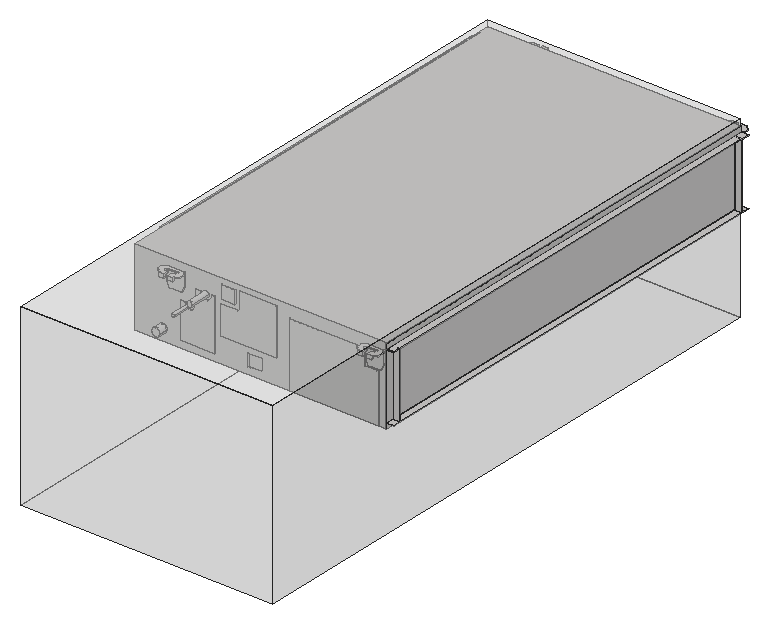
Revit family "outputfile", category 機械設備, Revit 2024
Family settings
  丸型コネクタ寸法 = 半径を使用
  パーツ タイプ = 標準
  OmniClass 番号 = 23.75.10.24.21.27.27
  OmniClass タイトル = Split System Air Conditioning Units
  作業面ベース = いいえ
  常に垂直 = はい
  ロード時にボイドで切り取り = いいえ
  注釈の向きを維持 = いいえ
  共有 = いいえ
  部屋計算ポイント = はい
Parameters (values of type "FBFC125DVMG")
  Description = ""
  製造元 = "Daikin"
  書き出し IFC クラス(タイプ) = "IfcUnitaryEquipmentType"
  定義済み IFC タイプ(タイプ) = "AIRCONDITIONINGUNIT"
  Cost = 0
  モデル = "FBFC125DVMG"
  Type Comments = ""
  Keynote = ""
  Type Image = (empty or 0)
  Assembly Code = ""
  switch_frequency = yes
  r_Liquid Pipe Size = Liquid Pipe Size / 2  # 4.75 mm
  r_Gas Pipe Size = Gas Pipe Size / 2  # 7.95 mm
  r_Drain Pipe Size = Drain Pipe Size / 2  # 12.5 mm
  lw_power = 770.0 mm  # constant formula
  lh_SA = 138.0 mm  # constant formula
  lw_SA = if(Depth = 550.0 mm, 225.0 mm, if(Depth = 700.0 mm, 300.0 mm, if(Depth = 1000.0 mm, 450.0 mm, if(Depth = 1400.0 mm, 650.0 mm, 725.0 mm))))  # 650.0 mm
  lw_RA = if(Depth = 550.0 mm, 275.0 mm, if(Depth = 700.0 mm, 349.0 mm, if(Depth = 1000.0 mm, 499.0 mm, if(Depth = 1400.0 mm, 699.0 mm, 775.0 mm))))  # 699.0 mm
  lh_power = 60.0 mm + [h***]  # 60.0 mm
  lh_mountinghole1 = lh_mountinghole + [h***]  # 222.0 mm
  lh_RA = 123.0 mm  # constant formula
  ld_power = Depth / 2  # 700.0 mm
  connector_voltage = Voltage_50Hz  # 230 V
  connector_powerinput = [Power Input (Cooling)]  # 0.000 kW
  connector_phase = Phase_50Hz  # 1
  Voltage_comment_50Hz = "220 - 240"
  Voltage_50Hz = 230 V
  URL = ""
  Supply Air Direction [instance] = yes
  Sound Power Level_H speed (dB) = 0
  Phase_50Hz = 1
  Minimum External Static Pressure = 50.00 Pa
  Minimum Circuit Amps_50Hz = 0.0 A
  Maximum Fuse Amps_50Hz = 0.0 A
  Maximum External Static Pressure = 150.00 Pa
  Material_Casing = DAIKIN_GalvanizedSteel_Casing_indoorunit
  lw_mountinghole = 630.0 mm  # constant formula
  lh_gaspipe = 183.0 mm + [h***]  # 183.0 mm
  lh_mountinghole = 222.0 mm  # constant formula
  lh_liquidpipe = 136.0 mm + [h***]  # 136.0 mm
  lh_drainpipe = 38.0 mm + [h***]  # 38.0 mm
  lh_antena = Height - lh_mountinghole + 1.0 mm  # 24.0 mm
  ld_drainpipe = Depth / 2 + 26.0 mm  # 726.0 mm
  ld_liquidpipe = Depth / 2 + 69.0 mm  # 769.0 mm
  ld_gaspipe = Depth / 2 + 65.0 mm  # 765.0 mm
  ld_mountinghole = Depth + 38.0 mm  # 1438.0 mm
  h*** = 0.0 mm  # constant formula
  lw_liquidpipe = 179.0 mm  # constant formula
  lw_gaspipe = 229.0 mm  # constant formula
  lw_drainpipe = 91.0 mm  # constant formula
  Width = 800.0 mm
  Version = "ver.1.0"
  Unit Type = "M.S.P. Duct"
  Unit Mass Weight = 46.00 kg
  Unit Designation [instance] = ""
  Uniclass2015Version = "Products v1.30"
  Uniclass2015Title = "Split coil room air conditioning units"
  Uniclass2015Code = "Pr_70_65_03_86"
  Total Cooling Capacity [instance] = 0.000 kW
  Sound Pressure Level_M speed (dBA) = 37.5
  Sound Pressure Level_L speed (dBA) = 35
  Sound Pressure Level_H speed (dBA) = 40
  Series = "SkyAir_Fan Coil Unit"
  Sensible Cooling Capacity [instance] = 0.000 kW
  SA Duct Size Width = 1192.0 mm
  SA Duct Size Height = 176.0 mm
  Refrigerant Type = "R32"
  RA Duct Size Width = 1352.0 mm
  RA Duct Size Height = 208.0 mm
  Power Input (Cooling) = 0.000 kW
  Option Accessory 3 [instance] = ""
  Option Accessory 2 [instance] = ""
  Option Accessory 1 [instance] = ""
  Nominal Cooling Capacity = 12.500 kW
  Minimum Airflow = 1500.00 m³/h
  Median Airflow = 1830.00 m³/h
  Maximum Airflow = 2160.00 m³/h
  Load Classification = HVAC
  Liquid Pipe Size = 9.5 mm
  Link_Nested Family [instance] = ""
  IfcVersion = ""
  IfcExportType = "AIRCONDITIONINGUNIT"
  IfcExportAs = "IfcUnitaryEquipmentType"
  Height = 245.0 mm
  Heat Exchanger Type = "Cross Fin Coil"
  Gas Pipe Size = 15.9 mm
  Frequency_50Hz = 50 Hz
  Fan Type = "Sirocco Fan"
  Fan Drive = "Direct Drive"
  FCU Tag No. [instance] = ""
  Drain Pipe Size = 25.0 mm
  Design Supply Airflow [instance] = 0.00 m³/h
  Design Return Airflow [instance] = 0.00 m³/h
  Design External Static Pressure [instance] = 0.00 Pa
  Depth = 1400.0 mm
  既定の高さ = 0.0 mm
  Cooling Entering Wet Bulb Temperature [instance] = 0.00 °C
  Cooling Entering Dry Bulb Temperature [instance] = 0.00 °C
  Cooling Ambient Wet Bulb Temperature [instance] = 0.00 °C
  Cooling Ambient Dry Bulb Temperature [instance] = 0.00 °C
  Clearance visibility [instance] = yes
  Clearance Top = 20.0 mm
  Clearance Right = 0.0 mm
  Clearance Rear = 0.0 mm
  Clearance Left = 0.0 mm
  Clearance Front = 450.0 mm
  Clearance Bottom = 300.0 mm
Reference planes
  plane 1 "Center (Front/Back)": y = 0
  plane 2 "h": z = 0
  plane 3 "Center (Left/Right)": x = 0
  plane 4 "Back": y = 700
  plane 5 "Front": y = -700
  plane 6 "Left": x = -400
  plane 7 "Right": x = 400
  plane 8 "Top": z = 0
  plane 9 "Bottom": z = -245
  plane 10: y = -215
  plane 11: y = 700
  plane 12: y = -1150
  plane 13: x = -400
  plane 14: x = 400
  plane 15: z = 20
  plane 16: z = -545
  plane 17: x = -400
  plane 18: x = -399
  plane 19: x = 399
  plane 20: y = 50
  plane 21: y = -1
  plane 22: z = -122
  plane 23: y = -701
  plane 24: z = -109
  plane 25: x = -221
  plane 26: y = -765
  plane 27: z = -62
  plane 28: x = -171
  plane 29: y = -726
  plane 30: z = -207
  plane 31: x = -309
  plane 32: x = -309
  plane 33: x = -221
  plane 34: x = -171
  plane 35: x = 370
  plane 36: x = -266
  plane 37: x = 364
  plane 38: y = -719
  plane 39: y = 719
  plane 40: z = -23
  plane 41: z = -107
  plane 42: y = -769
  plane 43: z = -207
  plane 44: x = -309
  plane 45: y = -726
  plane 46: x = -251
  plane 47: x = -203
  plane 48: x = -144
  plane 49: z = -59
  plane 50: z = -106
  plane 51: z = -221
  plane 52: z = -109
  plane 53: x = -221
  plane 54: z = -62
  plane 55: x = -171
  plane 56: z = -17
  plane 57: z = -59
  plane 58: x = -121
  plane 59: x = -79
  plane 60: x = -125
  plane 61: x = -64
  plane 62: x = 53
  plane 63: z = -164
  plane 64: z = -73
  plane 65: z = -16
  plane 66: x = 93.5
  plane 67: x = 374.5
  plane 68: x = 330
  plane 69: z = -88.5
  plane 70: z = -38
  plane 71: z = -242.5
  plane 72: x = -38.5
  plane 73: x = 6.5
  plane 74: z = -181
  plane 75: z = -221
  plane 76: y = -699
  plane 77: x = -424
  plane 78: x = 424
Forms (mm)
  Extrusion 1, solid, material "DAIKIN_GalvanizedSteel_Casing_indoorunit" <- "Material_Casing"
    sketch origin (0, 0, 0) x (1, 0, 0) y (0, 1, 0)
      loop
        line (-399, 700) -> (-399, -700) -> (399, -700) -> (399, 700) -> (-399, 700)
    from -245 to 0
  Extrusion 2, solid, material "DAIKIN_GalvanizedSteel_Casing_indoorunit" <- "Material_Casing"
    sketch origin (0, 0, 0) x (1, 0, 0) y (0, 0, 1)
      loop
        line (-251, -221) -> (-144, -221) -> (-144, -59) -> (-154.47, -59)
        arc (-154.47, -59) -> (-171, -78.8) -> (-187.53, -59) r 16.8
        line (-187.53, -59) -> (-203, -59) -> (-203, -106) -> (-206.916, -106)
        arc (-206.916, -106) -> (-221, -123.4) -> (-235.084, -106) r 14.4
        line (-235.084, -106) -> (-251, -106) -> (-251, -221)
    from 700 to 701
  Extrusion 3, solid, material "DAIKIN_GalvanizedSteel_Casing_indoorunit" <- "Material_Casing"
    sketch origin (0, 0, 0) x (1, 0, 0) y (0, 0, 1)
      loop
        line (-121, -17) -> (-121, -59) -> (-79, -59) -> (-79, -17) -> (-121, -17)
      loop
        line (-125, -73) -> (-125, -164) -> (53, -164) -> (53, -16) -> (-64, -16) -> (-64, -73) -> (-125, -73)
    from 700 to 701
  Extrusion 4, solid, material "DAIKIN_GalvanizedSteel_Casing_indoorunit" <- "Material_Casing"
    sketch origin (0, 0, 0) x (1, 0, 0) y (0, 0, 1)
      loop
        line (93.5, -38) -> (93.5, -242.5) -> (374.5, -242.5) -> (374.5, -88.5) -> (330, -88.5) -> (330, -38) -> (93.5, -38)
    from 700 to 701
  Extrusion 5, solid, material "DAIKIN_GalvanizedSteel_Casing_indoorunit" <- "Material_Casing"
    sketch origin (0, 0, 0) x (1, 0, 0) y (0, 0, 1)
      loop
        circle (-221, -109) r 4.75
    from 700 to 769
  Extrusion 6, solid, material "DAIKIN_GalvanizedSteel_Casing_indoorunit" <- "Material_Casing"
    sketch origin (0, 0, 0) x (1, 0, 0) y (0, 0, 1)
      loop
        circle (-171, -62) r 7.95
    from 700 to 765
  Extrusion 7, solid, material "DAIKIN_GalvanizedSteel_Casing_indoorunit" <- "Material_Casing"
    sketch origin (0, 0, 0) x (1, 0, 0) y (0, 0, 1)
      loop
        circle (-309, -207) r 12.5
    from 701 to 726
  Extrusion 8, solid, material "DAIKIN_GalvanizedSteel_Casing_indoorunit" <- "Material_Casing"
    sketch origin (0, 0, 0) x (1, 0, 0) y (0, 0, 1)
      loop
        circle (-309, -207) r 13
    from 700 to 726
  Extrusion 9, void
    sketch origin (0, 0, 0) x (1, 0, 0) y (0, 0, 1)
      loop
        line (-38.5, -181) -> (-38.5, -221) -> (6.5, -221) -> (6.5, -181) -> (-38.5, -181)
    from 699 to 700
Cuts and joins
  Extrusion 9 cuts Extrusion 1
Dimensions and locks
  "Height": plane 8 "Top" to plane 9 "Bottom"
  equal spacing: plane 4 "Back", plane 1 "Center (Front/Back)", plane 5 "Front"
  "Depth": plane 4 "Back" to plane 5 "Front"
  equal spacing: plane 6 "Left", plane 3 "Center (Left/Right)", plane 7 "Right"
  "Width": plane 6 "Left" to plane 7 "Right"
  "Clearance Left": plane 13 to plane 6 "Left"
  "Clearance Right": plane 7 "Right" to plane 14
  "Clearance Rear": plane 11 to plane 4 "Back"
  "Clearance Front": plane 5 "Front" to plane 12
  "Clearance Top": plane 15 to plane 8 "Top"
  "Clearance Bottom": plane 9 "Bottom" to plane 16
  locked: plane 17 to plane 18 at 1
  locked: plane 19 to plane 14 at 1
  "lw_SA": plane 11 to plane 20
  "lw_RA": plane 21 to plane 5 "Front"
  "lh_RA": plane 22 to plane 9 "Bottom"
  locked: plane 5 "Front" to plane 23 at 1
  "lw_liquidpipe": plane 25 to plane 6 "Left"
  "lh_liquidpipe": plane 24 to plane 9 "Bottom"
  "lh_gaspipe": plane 27 to plane 9 "Bottom"
  "lw_gaspipe": plane 28 to plane 6 "Left"
  "ld_gaspipe": plane 26 to plane 1 "Center (Front/Back)"
  "ld_drainpipe": plane 29 to plane 1 "Center (Front/Back)"
  "lh_drainpipe": plane 30 to plane 9 "Bottom"
  "lw_drainpipe": plane 31 to plane 6 "Left"
  "lw_drainpipe": plane 6 "Left" to plane 32
  "lw_liquidpipe": plane 6 "Left" to plane 33
  "lw_gaspipe": plane 6 "Left" to plane 34
  "lw_power": plane 6 "Left" to plane 35
  locked: plane 17 to plane 36 at 134
  "lw_mountinghole": plane 36 to plane 37
  equal spacing: plane 38, plane 1 "Center (Front/Back)", plane 39
  "ld_mountinghole": plane 39 to plane 38
  "lh_mountinghole": plane 40 to plane 9 "Bottom"
  "lh_SA": plane 41 to plane 9 "Bottom"
  locked: plane 44 to plane 6 "Left" at 91
  locked: plane 43 to plane 9 "Bottom" at 38
  locked: plane 5 "Front" to plane 45 at 26
  plane 48 to plane 47 to plane 46 to plane 6 "Left" = 59.0 mm, 48.0 mm, 149.0 mm
  plane 8 "Top" to plane 49 to plane 50 to plane 51 = 59.0 mm locked, 47.0 mm locked, 115.0 mm locked
  plane 55 to plane 53 to plane 6 "Left" = 50.0 mm locked, 179.0 mm locked
  plane 54 to plane 52 to plane 9 "Bottom" = 47.0 mm locked, 136.0 mm locked
  plane 59 to plane 58 to plane 6 "Left" = 42.0 mm locked, 279.0 mm locked
  plane 8 "Top" to plane 56 to plane 57 = 17.0 mm locked, 42.0 mm locked
  plane 62 to plane 61 to plane 60 to plane 6 "Left" = 117.0 mm, 61.0 mm, 275.0 mm
  plane 8 "Top" to plane 65 to plane 64 = 16.0 mm locked, 57.0 mm locked
  locked: plane 65 to plane 63 at 148
  plane 8 "Top" to plane 70 to plane 69 to plane 71 = 38.0 mm locked, 50.5 mm locked, 154.0 mm locked
  plane 67 to plane 68 to plane 66 to plane 6 "Left" = 44.5 mm locked, 236.5 mm locked, 493.5 mm locked
  plane 8 "Top" to plane 74 to plane 75 = 181.0 mm locked, 40.0 mm locked
  plane 73 to plane 72 to plane 6 "Left" = 45.0 mm, 361.5 mm
  locked: plane 76 to plane 5 "Front" at 1
  locked: plane 77 to plane 17 at 24
  locked: plane 14 to plane 78 at 24
  "ld_liquidpipe": plane 42 to plane 1 "Center (Front/Back)"
  "r_Liquid Pipe Size": radius of Extrusion 5 sketch curve
  "r_Gas Pipe Size": radius of Extrusion 6 sketch curve
  "r_Drain Pipe Size": radius of Extrusion 7 sketch curve
  aligned and locked: level to plane 2 "h"
  aligned and locked: plane 8 "Top" to Extrusion 1
  aligned and locked: Extrusion 1 to plane 9 "Bottom"
  aligned and locked: nested 5 to plane 12
  aligned and locked: plane 13 to nested 5
  aligned and locked: plane 14 to nested 5
  aligned and locked: nested 5 to plane 13
  aligned and locked: plane 11 to nested 5
  aligned and locked: plane 15 to nested 5
  aligned and locked: plane 16 to nested 5
  aligned and locked: plane 5 "Front" to Extrusion 1 sketch curve
  aligned and locked: Extrusion 1 to plane 18
  aligned and locked: plane 19 to Extrusion 1
  aligned and locked: nested 7 to plane 18
  aligned and locked: nested 7 to plane 20
  aligned and locked: plane 19 to nested 8
  aligned and locked: plane 21 to nested 8
  aligned and locked: plane 22 to nested 8
  aligned and locked: Extrusion 2 to plane 23
  aligned and locked: plane 5 "Front" to Extrusion 2
  aligned and locked: Extrusion 3 to plane 23
  aligned and locked: plane 5 "Front" to Extrusion 3
  aligned and locked: plane 5 "Front" to Extrusion 4
  aligned and locked: Extrusion 5 sketch curve to plane 25
  aligned and locked: plane 24 to Extrusion 5 sketch curve
  aligned and locked: plane 5 "Front" to Extrusion 5
  aligned and locked: Extrusion 6 sketch curve to plane 28
  aligned and locked: plane 27 to Extrusion 6 sketch curve
  aligned and locked: plane 5 "Front" to Extrusion 6
  aligned and locked: Extrusion 7 sketch curve to plane 31
  aligned and locked: plane 30 to Extrusion 7 sketch curve
  aligned and locked: Extrusion 7 to plane 29
  aligned and locked: plane 23 to Extrusion 7
  aligned and locked: nested 3 to plane 29
  aligned and locked: nested 3 to plane 32
  aligned and locked: nested 2 to plane 33
  aligned and locked: nested 1 to plane 34
  aligned and locked: Extrusion 6 to plane 26
  aligned and locked: nested 1 to plane 26
  aligned and locked: nested 6 to plane 5 "Front"
  aligned and locked: nested 6 to plane 35
  aligned and locked: plane 36 to nested 10
  aligned and locked: nested 10 to plane 5 "Front"
  aligned and locked: plane 37 to nested 9
  aligned and locked: nested 9 to plane 5 "Front"
  aligned and locked: nested 11 to plane 36
  aligned and locked: plane 4 "Back" to nested 11
  aligned and locked: nested 12 to plane 37
  aligned and locked: plane 4 "Back" to nested 12
  aligned and locked: plane 40 to nested 10
  aligned and locked: plane 40 to nested 11
  aligned and locked: plane 40 to nested 9
  aligned and locked: plane 40 to nested 12
  aligned and locked: plane 36 to nested 14
  aligned and locked: nested 14 to plane 39
  aligned and locked: plane 37 to nested 13
  aligned and locked: nested 13 to plane 39
  aligned and locked: plane 37 to nested 16
  aligned and locked: plane 38 to nested 16
  aligned and locked: plane 38 to nested 15
  aligned and locked: plane 36 to nested 15
  aligned and locked: plane 17 to plane 6 "Left"
  aligned and locked: plane 41 to nested 7
  aligned and locked: Extrusion 5 to plane 42
  aligned and locked: nested 2 to plane 42
  aligned and locked: Extrusion 8 sketch curve to plane 44
  aligned and locked: plane 43 to Extrusion 8 sketch curve
  aligned and locked: plane 5 "Front" to Extrusion 8
  aligned and locked: plane 45 to Extrusion 8
  aligned and locked: Extrusion 3 sketch curve to plane 56
  aligned and locked: Extrusion 3 sketch curve to plane 58
  aligned and locked: plane 57 to Extrusion 3 sketch curve
  aligned and locked: plane 59 to Extrusion 3 sketch curve
  aligned and locked: Extrusion 4 to plane 23
  aligned and locked: Extrusion 9 sketch curve to plane 74
  aligned and locked: plane 75 to Extrusion 9 sketch curve
  aligned and locked: plane 73 to Extrusion 9 sketch curve
  aligned and locked: plane 5 "Front" to Extrusion 9
  aligned and locked: plane 76 to Extrusion 9
  aligned and locked: nested 17 to plane 20
  aligned and locked: nested 17 to plane 77
  aligned and locked: plane 21 to nested 18
  aligned and locked: plane 78 to nested 18
  aligned and locked: plane 41 to nested 17
  aligned and locked: nested 18 to plane 22
  aligned and locked: nested 4 to plane 3 "Center (Left/Right)"
  aligned and locked: plane 1 "Center (Front/Back)" to nested 4
  aligned and locked: level to plane 8 "Top"
Automatic sketch dimensions
  plane 6 "Left" to Extrusion 1 sketch curve = 1.0 mm
  Extrusion 1 sketch curve to plane 7 "Right" = 1.0 mm
  Extrusion 1 sketch curve to plane 4 "Back" = 0.0 mm
  Extrusion 2 sketch curve to plane 46 = 0.0 mm
  Extrusion 2 sketch curve to plane 33 = 0.0 mm
  Extrusion 2 sketch curve to plane 47 = 0.0 mm
  Extrusion 2 sketch curve to plane 34 = 0.0 mm
  Extrusion 2 sketch curve to plane 48 = 0.0 mm
  Extrusion 2 sketch curve to plane 51 = 0.0 mm
  Extrusion 2 sketch curve to plane 52 = 0.0 mm
  Extrusion 2 sketch curve to plane 50 = 0.0 mm  (x3)
  Extrusion 2 sketch curve to plane 54 = 0.0 mm
  Extrusion 2 sketch curve to plane 49 = 0.0 mm  (x3)
  plane 33 to Extrusion 2 sketch curve = 14.084 mm
  plane 34 to Extrusion 2 sketch curve = 16.53 mm
  Extrusion 3 sketch curve to plane 60 = 0.0 mm
  Extrusion 3 sketch curve to plane 61 = 0.0 mm
  Extrusion 3 sketch curve to plane 62 = 0.0 mm
  Extrusion 3 sketch curve to plane 63 = 0.0 mm
  Extrusion 3 sketch curve to plane 64 = 0.0 mm
  Extrusion 3 sketch curve to plane 65 = 0.0 mm
  Extrusion 4 sketch curve to plane 66 = 0.0 mm
  Extrusion 4 sketch curve to plane 68 = 0.0 mm
  Extrusion 4 sketch curve to plane 67 = 0.0 mm
  Extrusion 4 sketch curve to plane 71 = 0.0 mm
  Extrusion 4 sketch curve to plane 69 = 0.0 mm
  Extrusion 4 sketch curve to plane 70 = 0.0 mm
  Extrusion 9 sketch curve to plane 72 = 0.0 mm
  radius of Extrusion 8 sketch curve = 13.0 mm
Nested families
  nested 1: "daikin_connector_rotate2" at (-171, 0, -62), length <- "ld_gaspipe", built-in parameter 1001364 <- "lh_gaspipe", radius <- "r_Gas Pipe Size", type "daikin_connector_rotate2"
    with radius 7.95 mm, length 765.0 mm, angle_vertical 90.00°
  nested 2: "daikin_connector_rotate2" at (-221, 0, -109), length <- "ld_liquidpipe", built-in parameter 1001364 <- "lh_liquidpipe", radius <- "r_Liquid Pipe Size", type "daikin_connector_rotate2"
    with radius 4.75 mm, length 769.0 mm, angle_vertical 90.00°
  nested 3: "daikin_connector_rotate2" at (-309, 0, -207), length <- "ld_drainpipe", built-in parameter 1001364 <- "lh_drainpipe", radius <- "r_Drain Pipe Size", type "daikin_connector_rotate2"
    with radius 12.5 mm, length 726.0 mm, angle_vertical 90.00°
  nested 4: "daikin_△_symbolicline" at (0, 0, 245) x (0, -1, 0) z (0, 0, 1), built-in parameter 1001364 <- "Height", visible <- "Supply Air Direction", type "daikin_△_symbolicline"
    with length 200.0 mm
  nested 5: "daikin_clearancespace" at (0, -225, -262.381), visible <- "Clearance visibility", show <- "Clearance visibility", Link_Nested Family <- "Link_Nested Family", type "daikin_clearancespace"
    with width 800.0 mm, show yes, height 565.0 mm, depth 1850.0 mm, Link_Nested Family ""
  nested 6: "daikin_connector_rotate2" at (370, 0, -185), built-in parameter 1001364 <- "lh_power", length <- "ld_power", type "daikin_connector_rotate2"
    with radius 10.0 mm, length 700.0 mm, angle_vertical 90.00°
  nested 7: "daikin_ductflange_FBFC-DVMG2" at (-399, 50, -107) x (0, -1, 0) z (0, 0, 1), type "daikin_ductflange_FBFC-DVMG2"
  nested 8: "daikin_ductflange_FBFC-DVMG" at (399, -1, -122) x (0, 1, 0) z (0, 0, 1), type "daikin_ductflange_FBFC-DVMG"
    with width 1352.0 mm, lw 25.0 mm, w 1400.0 mm
  nested 9: "daikin_hangerfixture_FBFC-DVMG" at (364, -700, -23), type "daikin_hangerfixture_FBFC-DVMG"
  nested 10: "daikin_hangerfixture_FBFC-DVMG" at (-266, -700, -23), type "daikin_hangerfixture_FBFC-DVMG"
  nested 11: "daikin_hangerfixture_FBFC-DVMG" at (-266, 700, -23) x (-1, 0, 0) z (0, 0, 1), type "daikin_hangerfixture_FBFC-DVMG"
  nested 12: "daikin_hangerfixture_FBFC-DVMG" at (364, 700, -23) x (-1, 0, 0) z (0, 0, 1), type "daikin_hangerfixture_FBFC-DVMG"
  nested 13: "daikin_mountinghole" at (364, 719, -245), h_mountinghole <- "lh_mountinghole1", l_antenna <- "lh_antena", Link_Nested Family <- "Link_Nested Family", type "daikin_mountinghole"
    with show yes, l_antenna 24.0 mm, h_mountinghole 222.0 mm, Link_Nested Family ""
  nested 14: "daikin_mountinghole" at (-266, 719, -245), h_mountinghole <- "lh_mountinghole1", l_antenna <- "lh_antena", Link_Nested Family <- "Link_Nested Family", type "daikin_mountinghole"
    with show yes, l_antenna 24.0 mm, h_mountinghole 222.0 mm, Link_Nested Family ""
  nested 15: "daikin_mountinghole" at (-266, -719, -245), h_mountinghole <- "lh_mountinghole1", l_antenna <- "lh_antena", Link_Nested Family <- "Link_Nested Family", type "daikin_mountinghole"
    with show yes, l_antenna 24.0 mm, h_mountinghole 222.0 mm, Link_Nested Family ""
  nested 16: "daikin_mountinghole" at (364, -719, -245), h_mountinghole <- "lh_mountinghole1", l_antenna <- "lh_antena", Link_Nested Family <- "Link_Nested Family", type "daikin_mountinghole"
    with show yes, l_antenna 24.0 mm, h_mountinghole 222.0 mm, Link_Nested Family ""
  nested 17: "daikin_connector_rotate2" at (-400, 50, -107) x (0, -1, 0) z (0, 0, 1), type "daikin_connector_rotate2"
    with radius 10.0 mm, length 24.0 mm, angle_vertical 90.00°
  nested 18: "daikin_connector_rotate2" at (400, -1, -122) x (0, 1, 0) z (0, 0, 1), type "daikin_connector_rotate2"
    with radius 10.0 mm, length 24.0 mm, angle_vertical 90.00°
Connectors
  piping at (-309, -726, -207), diameter 25, driven by "r_Drain Pipe Size"
    settings: on nested 3, index 3, connector inside diameter 609.6 mm, connector length 0.0 mm, flow factor 0, pipe flow 0.00 m³/h, pressure drop 0.0 Pa, fitting loss kfactor 0, connector angle 0.00°, fixture units 0, engagement length 0.0 mm, angle of deflection 0.00°, flow configuration 1, flow direction 2, fitting loss method 4, system type 16, joint type 0, gender type 0, connector reference index -1, connector utility 0, adjustable connector no, is connector primary yes, connector description "Condensate Drain Piping"
  piping at (-171, -765, -62), diameter 15.9, driven by "r_Gas Pipe Size"
    settings: on nested 1, index 4, connector inside diameter 609.6 mm, connector length 0.0 mm, flow factor 0, pipe flow 0.00 m³/h, pressure drop 0.0 Pa, fitting loss kfactor 0, connector angle 0.00°, fixture units 0, engagement length 0.0 mm, angle of deflection 0.00°, flow configuration 1, flow direction 2, fitting loss method 0, system type 29, joint type 0, gender type 0, connector reference index -1, connector utility 0, adjustable connector no, is connector primary no, connector description "Refrigerant Gas Piping"
  piping at (-221, -769, -109), diameter 9.5, driven by "r_Liquid Pipe Size"
    settings: on nested 2, index 5, connector inside diameter 609.6 mm, connector length 0.0 mm, flow factor 0, pipe flow 0.00 m³/h, pressure drop 0.0 Pa, fitting loss kfactor 0, connector angle 0.00°, fixture units 0, engagement length 0.0 mm, angle of deflection 0.00°, flow configuration 1, flow direction 1, fitting loss method 0, system type 29, joint type 0, gender type 0, connector reference index -1, connector utility 0, adjustable connector no, is connector primary no, connector description "Refrigerant Liquid Piping"
  electrical at (370, -700, -185), driven by "Load Classification", driven by "connector_powerinput", driven by "connector_voltage", driven by "connector_phase"
    settings: on nested 6, index 6, voltage 230 V, apparent load 0 VA, apparent load phase1 0 VA, apparent load phase2 0 VA, apparent load phase3 0 VA, power factor 1, load classification "HVAC", number of poles 1, system type 30, power factor state 1, is connector primary yes, connector utility no, sub classification motor no, connector description "Power Supply"
  hvac at (-424, 50, -107), driven by "SA Duct Size Height", driven by "SA Duct Size Width"
    settings: on nested 17, index 7, duct flow 0.00 m³/h, flow factor 0, pres drop 0.00 Pa, loss coef 0, conn angle 0.00°, conn width 1192.0 mm, conn height 176.0 mm, conn diameter 609.6 mm, duct sys type 1, conn prof type 1, flow config 0, flow direction 2, loss method 4, conn ref index -1, conn util no, is conn primary yes, conn desc "SA Duct"
  hvac at (424, -1, -122), driven by "RA Duct Size Height", driven by "RA Duct Size Width"
    settings: on nested 18, index 8, duct flow 0.00 m³/h, flow factor 0, pres drop 0.00 Pa, loss coef 0, conn angle 0.00°, conn width 1352.0 mm, conn height 208.0 mm, conn diameter 609.6 mm, duct sys type 2, conn prof type 1, flow config 0, flow direction 1, loss method 4, conn ref index -1, conn util no, is conn primary no, conn desc "RA Duct"
Definition of nested family "daikin_clearancespace"
  Parameters (values of type "daikin_clearancespace")
    Description = "daikin_clearancespace"
    width [instance] = 1823.963 mm
    show [instance] = yes
    material = none
    height [instance] = 1359.762 mm
    depth [instance] = 880.0 mm
    Default Elevation = 0.0 mm
    Link_Nested Family [instance] = ""
  Reference planes
    plane 1 "Center (Front/Back)": y = 0
    plane 2 "Center (Elevation)": z = -0.119
    plane 3 "Center (Left/Right)": x = 0
    plane 4: y = 440
    plane 5: y = -440
    plane 6 "Right": x = 911.982
    plane 7 "Left": x = -911.982
    plane 8 "Top": z = 679.762
    plane 9 "Bottom": z = -680
  Forms (mm)
    Extrusion 1, solid, material <- "material", visible <- "show"
      sketch origin (0, 0, 0) x (1, 0, 0) y (0, 1, 0)
        loop
          line (-911.982, 440) -> (-911.982, -440) -> (911.982, -440) -> (911.982, 440) -> (-911.982, 440)
      from -680 to 679.762
  Lines and regions (mm)
    symbolic lines, visible <- "show"
      curve 1: line (911.982, 440, 0) -> (-911.982, 440, 0)
      curve 2: line (-911.982, 440, 0) -> (-911.982, -440, 0)
      curve 3: line (-911.982, -440, 0) -> (911.982, -440, 0)
      curve 4: line (911.982, -440, 0) -> (911.982, 440, 0)
      curve 5: line (911.982, 0, 679.762) -> (-911.982, 0, 679.762)
      curve 6: line (911.982, 0, -680) -> (911.982, 0, 679.762)
      curve 7: line (-911.982, 0, -680) -> (911.982, 0, -680)
      curve 8: line (-911.982, 0, 679.762) -> (-911.982, 0, -680)
      curve 9: line (0, 440, 679.762) -> (0, -440, 679.762)
      curve 10: line (0, -440, 679.762) -> (0, -440, -680)
      curve 11: line (0, 440, -680) -> (0, 440, 679.762)
      curve 12: line (0, -440, -680) -> (0, 440, -680)
  Dimensions and locks
    "width": plane 7 "Left" to plane 6 "Right"
    "depth": plane 4 to plane 5
    "height": plane 8 "Top" to plane 9 "Bottom"
    equal spacing: plane 7 "Left", plane 3 "Center (Left/Right)", plane 6 "Right"
    equal spacing: plane 4, plane 1 "Center (Front/Back)", plane 5
    equal spacing: plane 8 "Top", plane 2 "Center (Elevation)", plane 9 "Bottom"
    aligned and locked: level to plane 2 "Center (Elevation)"
    aligned and locked: Extrusion 1 sketch curve to plane 4
    aligned and locked: plane 7 "Left" to Extrusion 1 sketch curve
    aligned and locked: Extrusion 1 sketch curve to plane 5
    aligned and locked: Extrusion 1 sketch curve to plane 6 "Right"
    aligned and locked: plane 8 "Top" to Extrusion 1
    aligned and locked: curve 1 to Extrusion 1
    aligned and locked: curve 2 to Extrusion 1
    aligned and locked: curve 3 to Extrusion 1
    aligned and locked: curve 4 to Extrusion 1
    aligned and locked: curve 5 to Extrusion 1
    aligned and locked: curve 6 to Extrusion 1
    aligned and locked: curve 7 to Extrusion 1
    aligned and locked: curve 8 to Extrusion 1
    aligned and locked: curve 9 to Extrusion 1
    aligned and locked: curve 10 to Extrusion 1
    aligned and locked: curve 11 to Extrusion 1
    aligned and locked: curve 12 to Extrusion 1
    aligned and locked: Extrusion 1 to plane 9 "Bottom"
Definition of nested family "daikin_ductflange_FBFC-DVMG2"
  Parameters (values of type "daikin_ductflange_FBFC-DVMG2")
    width = if(w = 550.0 mm, 337.0 mm, if(w = 700.0 mm, 492.0 mm, if(w = 1000.0 mm, 792.0 mm, if(w = 1400.0 mm, 1192.0 mm, 1337.0 mm))))  # 1192.0 mm
    material = none
    height = 215.0 mm
    depth = 1.0 mm
    w = 1400.0 mm
    Default Elevation = 0.0 mm
  Reference planes
    plane 1 "Center (Front/Back)": y = 0
    plane 2: z = 0
    plane 3 "Center (Left/Right)": x = 0
    plane 4: z = 88
    plane 5: z = -88
    plane 6: y = -25
    plane 7: z = 106
    plane 8: z = 89
    plane 9: y = -1
    plane 10: x = -617.5
    plane 11: x = 617.5
    plane 12: z = -106
    plane 13: z = -89
    plane 14: y = -1
    plane 15: x = 596
    plane 16: x = -596
    plane 17: x = 597
    plane 18: z = 87
    plane 19: z = -87
    plane 20: x = -597
    plane 21: z = 87
    plane 22: z = -87
    plane 23: y = -1
  Forms (mm)
    Extrusion 1, solid, material <- "material"
      sketch origin (0, 0, 0) x (0, 1, 0) y (0, 0, 1)
        loop
          line (-25, 88) -> (0, 88) -> (0, 106) -> (-1, 106) -> (-1, 89) -> (-25, 89) -> (-25, 88)
      from -617.5 to 617.5
    Extrusion 2, solid, material <- "material"
      sketch origin (0, 0, 0) x (0, 1, 0) y (0, 0, 1)
        loop
          line (-25, -88) -> (-25, -89) -> (-1, -89) -> (-1, -106) -> (0, -106) -> (0, -88) -> (-25, -88)
      from -617.5 to 617.5
    Extrusion 3, solid, material <- "material"
      sketch origin (0, 0, 0) x (1, 0, 0) y (0, 0, 1)
        loop
          line (596, 88) -> (596, -88) -> (617.5, -88) -> (617.5, -87) -> (597, -87) -> (597, 87) -> (617.5, 87) -> (617.5, 88) -> (596, 88)
      from 0 to 25
    Extrusion 4, solid, material <- "material"
      sketch origin (0, 0, 0) x (1, 0, 0) y (0, 0, 1)
        loop
          line (-617.5, 88) -> (-617.5, 87) -> (-597, 87) -> (-597, -87) -> (-617.5, -87) -> (-617.5, -88) -> (-596, -88) -> (-596, 88) -> (-617.5, 88)
      from 0 to 25
    Extrusion 5, solid, material <- "material"
      sketch origin (0, 0, 0) x (1, 0, 0) y (0, 0, 1)
        loop
          line (-617.5, 88) -> (-617.5, -88) -> (-596, -88) -> (-596, 88) -> (-617.5, 88)
        loop
          line (617.5, 88) -> (596, 88) -> (596, -88) -> (617.5, -88) -> (617.5, 88)
      from 0 to 1
  Cuts and joins
    joined: Extrusion 1, Extrusion 2, Extrusion 3, Extrusion 4, Extrusion 5
  Dimensions and locks
    plane 4 to level to plane 5 = 88.0 mm, 88.0 mm
    locked: plane 6 to plane 1 "Center (Front/Back)" at 25
    locked: plane 9 to plane 1 "Center (Front/Back)" at 1
    locked: plane 8 to plane 4 at 1
    locked: plane 16 to plane 10 at 21.5
    locked: plane 17 to plane 15 at 1
    locked: plane 4 to plane 18 at 1
    locked: plane 19 to plane 5 at 1
    "width": plane 15 to plane 16
    plane 4 to plane 5 = 176.0 mm
    locked: plane 16 to plane 20 at 1
    locked: plane 4 to plane 21 at 1
    locked: plane 22 to plane 5 at 1
    locked: plane 23 to plane 1 "Center (Front/Back)" at 1
    plane 4 to level to plane 5 = 88.0 mm locked, 88.0 mm locked
    locked: plane 5 to plane 13 at 1
    locked: plane 5 to plane 12 at 18
    locked: plane 7 to plane 4 at 18
    equal spacing: plane 15, plane 3 "Center (Left/Right)", plane 16
    locked: plane 11 to plane 15 at 21.5
    plane 11 to plane 10 = 1235.0 mm
    aligned and locked: level to plane 2
    aligned and locked: Extrusion 1 to plane 10
    aligned and locked: plane 11 to Extrusion 1
    aligned and locked: plane 5 to Extrusion 2
    aligned and locked: Extrusion 2 to plane 1 "Center (Front/Back)"
    aligned and locked: plane 15 to Extrusion 3 sketch curve
    aligned and locked: Extrusion 3 sketch curve to Extrusion 2  (x2)
    aligned and locked: Extrusion 3 sketch curve to plane 11
    aligned and locked: plane 6 to Extrusion 3
    aligned and locked: Extrusion 2 to plane 10
    aligned and locked: plane 11 to Extrusion 2
    aligned and locked: Extrusion 4 sketch curve to Extrusion 1  (x2)
    aligned and locked: plane 5 to Extrusion 4 sketch curve
    aligned and locked: Extrusion 4 sketch curve to plane 16
    aligned and locked: Extrusion 4 sketch curve to plane 22
    aligned and locked: plane 20 to Extrusion 4 sketch curve
    aligned and locked: plane 21 to Extrusion 4 sketch curve
    aligned and locked: Extrusion 4 to plane 1 "Center (Front/Back)"
    aligned and locked: plane 6 to Extrusion 4
    aligned and locked: Extrusion 5 sketch curve to Extrusion 1  (x4)
    aligned and locked: Extrusion 5 sketch curve to Extrusion 4  (x2)
    aligned and locked: Extrusion 5 sketch curve to Extrusion 3  (x2)
    aligned and locked: Extrusion 5 to plane 1 "Center (Front/Back)"
    aligned and locked: plane 23 to Extrusion 5
  Automatic sketch dimensions
    Extrusion 1 sketch curve to plane 6 = 0.0 mm
    Extrusion 1 sketch curve to plane 7 = 0.0 mm
    Extrusion 1 sketch curve to plane 9 = 0.0 mm
    Extrusion 1 sketch curve to plane 1 "Center (Front/Back)" = 0.0 mm
    Extrusion 1 sketch curve to plane 4 = 0.0 mm
    Extrusion 1 sketch curve to plane 8 = 0.0 mm
    Extrusion 2 sketch curve to plane 6 = 0.0 mm
    plane 12 to Extrusion 2 sketch curve = 0.0 mm
    Extrusion 2 sketch curve to plane 14 = 0.0 mm
    Extrusion 2 sketch curve to plane 1 "Center (Front/Back)" = 0.0 mm
    plane 13 to Extrusion 2 sketch curve = 0.0 mm
    Extrusion 2 sketch curve to plane 5 = 0.0 mm
    Extrusion 3 sketch curve to plane 17 = 0.0 mm
    Extrusion 3 sketch curve to plane 19 = 0.0 mm
    Extrusion 3 sketch curve to plane 18 = 0.0 mm
    Extrusion 3 sketch curve to plane 4 = 0.0 mm
    Extrusion 4 sketch curve to plane 10 = 0.0 mm
Definition of nested family "daikin_ductflange_FBFC-DVMG"
  Parameters (values of type "daikin_ductflange_FBFC-DVMG")
    width = if(w = 550.0 mm, 502.0 mm, if(w = 700.0 mm, 654.0 mm, if(w = 1000.0 mm, 952.0 mm, if(w = 1400.0 mm, 1352.0 mm, 1502.0 mm))))  # 654.0 mm
    material = none
    lw = if(width = 654.0 mm, 23.0 mm, 25.0 mm)  # 23.0 mm
    height = 208.0 mm
    depth = 1.0 mm
    w = 700.0 mm
    Default Elevation = 0.0 mm
  Reference planes
    plane 1 "Center (Front/Back)": y = 0
    plane 2: z = 0
    plane 3 "Center (Left/Right)": x = 0
    plane 4: z = 104
    plane 5: z = -104
    plane 6: y = -25
    plane 7: z = 121
    plane 8: z = 105
    plane 9: y = -1
    plane 10: x = -350
    plane 11: x = 350
    plane 12: z = -122
    plane 13: z = -105
    plane 14: y = -1
    plane 15: x = 327
    plane 16: x = -327
    plane 17: x = 328
    plane 18: z = 103
    plane 19: z = -103
    plane 20: x = -328
    plane 21: z = 103
    plane 22: z = -103
    plane 23: y = -1
  Forms (mm)
    Extrusion 1, solid, material <- "material"
      sketch origin (0, 0, 0) x (0, 1, 0) y (0, 0, 1)
        loop
          line (-25, 104) -> (0, 104) -> (0, 121) -> (-1, 121) -> (-1, 105) -> (-25, 105) -> (-25, 104)
      from -350 to 350
    Extrusion 2, solid, material <- "material"
      sketch origin (0, 0, 0) x (0, 1, 0) y (0, 0, 1)
        loop
          line (-25, -104) -> (-25, -105) -> (-1, -105) -> (-1, -122) -> (0, -122) -> (0, -104) -> (-25, -104)
      from -350 to 350
    Extrusion 3, solid, material <- "material"
      sketch origin (0, 0, 0) x (1, 0, 0) y (0, 0, 1)
        loop
          line (327, 104) -> (327, -104) -> (350, -104) -> (350, -103) -> (328, -103) -> (328, 103) -> (350, 103) -> (350, 104) -> (327, 104)
      from 0 to 25
    Extrusion 4, solid, material <- "material"
      sketch origin (0, 0, 0) x (1, 0, 0) y (0, 0, 1)
        loop
          line (-350, 104) -> (-350, 103) -> (-328, 103) -> (-328, -103) -> (-350, -103) -> (-350, -104) -> (-327, -104) -> (-327, 104) -> (-350, 104)
      from 0 to 25
    Extrusion 5, solid, material <- "material"
      sketch origin (0, 0, 0) x (1, 0, 0) y (0, 0, 1)
        loop
          line (-350, 104) -> (-350, -104) -> (-327, -104) -> (-327, 104) -> (-350, 104)
        loop
          line (350, 104) -> (327, 104) -> (327, -104) -> (350, -104) -> (350, 104)
      from 0 to 1
  Cuts and joins
    joined: Extrusion 1, Extrusion 2, Extrusion 3, Extrusion 4, Extrusion 5
  Dimensions and locks
    plane 4 to level to plane 5 = 104.0 mm, 104.0 mm
    locked: plane 6 to plane 1 "Center (Front/Back)" at 25
    locked: plane 9 to plane 1 "Center (Front/Back)" at 1
    locked: plane 8 to plane 4 at 1
    "lw": plane 11 to plane 15
    "lw": plane 16 to plane 10
    locked: plane 17 to plane 15 at 1
    locked: plane 4 to plane 18 at 1
    locked: plane 19 to plane 5 at 1
    "width": plane 15 to plane 16
    equal spacing: plane 15, plane 3 "Center (Left/Right)", plane 16
    locked: plane 16 to plane 20 at 1
    locked: plane 4 to plane 21 at 1
    locked: plane 22 to plane 5 at 1
    locked: plane 23 to plane 1 "Center (Front/Back)" at 1
    locked: plane 7 to plane 4 at 17
    locked: plane 1 "Center (Front/Back)" to plane 14 at 1
    locked: plane 5 to plane 13 at 1
    "height": plane 4 to plane 5
    plane 11 to plane 10 = 700.0 mm
    locked: plane 12 to plane 13 at 17
    equal spacing: plane 4, level, plane 5
    aligned and locked: level to plane 2
    aligned and locked: Extrusion 1 to plane 10
    aligned and locked: plane 11 to Extrusion 1
    aligned and locked: plane 5 to Extrusion 2
    aligned and locked: Extrusion 2 to plane 1 "Center (Front/Back)"
    aligned and locked: plane 15 to Extrusion 3 sketch curve
    aligned and locked: Extrusion 3 sketch curve to Extrusion 2  (x2)
    aligned and locked: Extrusion 3 sketch curve to plane 11
    aligned and locked: plane 6 to Extrusion 3
    aligned and locked: Extrusion 2 to plane 10
    aligned and locked: plane 11 to Extrusion 2
    aligned and locked: Extrusion 4 sketch curve to Extrusion 1  (x2)
    aligned and locked: plane 5 to Extrusion 4 sketch curve
    aligned and locked: Extrusion 4 sketch curve to plane 16
    aligned and locked: Extrusion 4 sketch curve to plane 22
    aligned and locked: plane 20 to Extrusion 4 sketch curve
    aligned and locked: plane 21 to Extrusion 4 sketch curve
    aligned and locked: Extrusion 4 to plane 1 "Center (Front/Back)"
    aligned and locked: plane 6 to Extrusion 4
    aligned and locked: Extrusion 5 sketch curve to Extrusion 1  (x4)
    aligned and locked: Extrusion 5 sketch curve to Extrusion 4  (x2)
    aligned and locked: Extrusion 5 sketch curve to Extrusion 3  (x2)
    aligned and locked: Extrusion 5 to plane 1 "Center (Front/Back)"
    aligned and locked: plane 23 to Extrusion 5
  Automatic sketch dimensions
    Extrusion 1 sketch curve to plane 6 = 0.0 mm
    Extrusion 1 sketch curve to plane 7 = 0.0 mm
    Extrusion 1 sketch curve to plane 9 = 0.0 mm
    Extrusion 1 sketch curve to plane 1 "Center (Front/Back)" = 0.0 mm
    Extrusion 1 sketch curve to plane 4 = 0.0 mm
    Extrusion 1 sketch curve to plane 8 = 0.0 mm
    Extrusion 2 sketch curve to plane 6 = 0.0 mm
    plane 12 to Extrusion 2 sketch curve = 0.0 mm
    Extrusion 2 sketch curve to plane 14 = 0.0 mm
    Extrusion 2 sketch curve to plane 1 "Center (Front/Back)" = 0.0 mm
    plane 13 to Extrusion 2 sketch curve = 0.0 mm
    Extrusion 2 sketch curve to plane 5 = 0.0 mm
    Extrusion 3 sketch curve to plane 17 = 0.0 mm
    Extrusion 3 sketch curve to plane 19 = 0.0 mm
    Extrusion 3 sketch curve to plane 18 = 0.0 mm
    Extrusion 3 sketch curve to plane 4 = 0.0 mm
    Extrusion 4 sketch curve to plane 10 = 0.0 mm
Definition of nested family "daikin_hangerfixture_FBFC-DVMG"
  Parameters (values of type "daikin_hangerfixture_FXMQ-PAVE")
    width = 72.0 mm
    material = none
    height = 60.0 mm
    depth = 41.0 mm
    Default Elevation = 0.0 mm
  Reference planes
    plane 1 "Center (Front/Back)": y = 0
    plane 2: z = 0
    plane 3 "Center (Left/Right)": x = 0
    plane 4: y = 417.146
    plane 5: y = -41
    plane 6: x = -36
    plane 7: x = 36
    plane 8: z = -2.3
    plane 9: z = -60
    plane 10: y = -2.3
    plane 11: z = -12
    plane 12: y = -38.7
  Forms (mm)
    Extrusion 1, solid, material <- "material"
      sketch origin (0, 0, 0) x (1, 0, 0) y (0, 1, 0)
        loop
          line (-28, 0) -> (-28, -5)
          arc (-28, -5) -> (-29.127, -8.162) -> (-32, -9.899) r 5
          arc (-32, -9.899) -> (-34.873, -11.636) -> (-36, -14.798) r 5
          line (-36, -14.798) -> (-36, -27.178)
          arc (-36, -27.178) -> (-35.429, -29.499) -> (-33.846, -31.289) r 5
          line (-33.846, -31.289) -> (-23, -38.798) -> (-23, -41.098) -> (-6.5, -41.098) -> (-6.5, -28.498)
          arc (-6.5, -28.498) -> (-7.379, -26.377) -> (-9.5, -25.498) r 3
          line (-9.5, -25.498) -> (-13.5, -25.498)
          arc (-13.5, -25.498) -> (-20, -18.998) -> (-13.5, -12.498) r 6.5
          line (-13.5, -12.498) -> (13.5, -12.498)
          arc (13.5, -12.498) -> (20, -18.998) -> (13.5, -25.498) r 6.5
          line (13.5, -25.498) -> (9.5, -25.498)
          arc (9.5, -25.498) -> (7.379, -26.377) -> (6.5, -28.498) r 3
          line (6.5, -28.498) -> (6.5, -41.098) -> (23, -41.098) -> (23, -38.798) -> (33.846, -31.289)
          arc (33.846, -31.289) -> (35.429, -29.499) -> (36, -27.178) r 5
          line (36, -27.178) -> (36, -14.596)
          arc (36, -14.596) -> (34.873, -11.434) -> (32, -9.697) r 5
          arc (32, -9.697) -> (29.127, -7.96) -> (28, -4.798) r 5
          line (28, -4.798) -> (28, 0) -> (-28, 0)
      from 0 to -2.3
    Extrusion 2, solid, material <- "material"
      sketch origin (0, 0, 0) x (1, 0, 0) y (0, 0, 1)
        loop
          line (28, -39.037) -> (28, 0) -> (-28, 0) -> (-28, -39.037)
          arc (-28, -39.037) -> (-27.91, -39.983) -> (-27.642, -40.894) r 5
          line (-27.642, -40.894) -> (-21.257, -56.857)
          arc (-21.257, -56.857) -> (-19.418, -59.14) -> (-16.615, -60) r 5
          line (-16.615, -60) -> (16.615, -60)
          arc (16.615, -60) -> (19.418, -59.14) -> (21.257, -56.857) r 5
          line (21.257, -56.857) -> (27.642, -40.894)
          arc (27.642, -40.894) -> (27.91, -39.983) -> (28, -39.037) r 5
      from 0 to 2.3
    Extrusion 3, solid, material <- "material"
      sketch origin (0, 0, 0) x (1, 0, 0) y (0, 0, 1)
        loop
          line (-23, 0) -> (-23, -9)
          arc (-23, -9) -> (-22.121, -11.121) -> (-20, -12) r 3
          line (-20, -12) -> (-9.5, -12)
          arc (-9.5, -12) -> (-7.379, -11.121) -> (-6.5, -9) r 3
          line (-6.5, -9) -> (-6.5, 0) -> (-23, 0)
        loop
          line (23, 0) -> (6.5, 0) -> (6.5, -9)
          arc (6.5, -9) -> (7.379, -11.121) -> (9.5, -12) r 3
          line (9.5, -12) -> (20, -12)
          arc (20, -12) -> (22.121, -11.121) -> (23, -9) r 3
          line (23, -9) -> (23, 0)
      from 38.8 to 41.098
  Cuts and joins
    joined: Extrusion 1, Extrusion 2, Extrusion 3
  Dimensions and locks
    plane 2 to plane 8 = 2.3 mm
    "height": plane 2 to plane 9
    locked: plane 10 to plane 1 "Center (Front/Back)" at 2.3
    locked: plane 2 to plane 11 at 12
    locked: plane 12 to plane 5 at 2.3
    aligned and locked: level to plane 2
    aligned and locked: Extrusion 1 to plane 8
    aligned and locked: plane 2 to Extrusion 1
    aligned and locked: plane 2 to Extrusion 2 sketch curve
    aligned and locked: Extrusion 2 to plane 10
    aligned and locked: Extrusion 2 to plane 1 "Center (Front/Back)"
    aligned and locked: Extrusion 3 sketch curve to cut or joined group of Extrusion 1, Extrusion 2, Extrusion 3  (x3)
    aligned and locked: cut or joined group of Extrusion 1, Extrusion 2, Extrusion 3 to Extrusion 3
  Automatic sketch dimensions
    Extrusion 2 sketch curve to plane 7 = 8.0 mm
    Extrusion 2 sketch curve to plane 8 = 36.737 mm
    plane 6 to Extrusion 2 sketch curve = 19.385 mm
    Extrusion 1 sketch curve to plane 6 = 0.0 mm
    plane 1 "Center (Front/Back)" to Extrusion 1 sketch curve = 0.0 mm
    Extrusion 1 sketch curve to plane 7 = 0.0 mm
    plane 6 to Extrusion 1 sketch curve = 2.154 mm
    plane 6 to Extrusion 1 sketch curve = 3.0 mm
    Extrusion 1 sketch curve to Extrusion 1 sketch curve = 5.0 mm  (x3)
    Extrusion 1 sketch curve to plane 12 = 0.098 mm  (x2)
    Extrusion 1 sketch curve to Extrusion 1 sketch curve = 4.0 mm  (x2)
    Extrusion 1 sketch curve to plane 5 = 0.098 mm  (x2)
    Extrusion 1 sketch curve to plane 3 "Center (Left/Right)" = 6.5 mm
    plane 3 "Center (Left/Right)" to Extrusion 1 sketch curve = 6.5 mm
    Extrusion 1 sketch curve to Extrusion 1 sketch curve = 3.0 mm
    Extrusion 1 sketch curve to plane 7 = 8.0 mm
    Extrusion 1 sketch curve to plane 7 = 5.0 mm
    Extrusion 1 sketch curve to plane 7 = 3.0 mm
    Extrusion 1 sketch curve to plane 7 = 2.154 mm
    plane 12 to Extrusion 1 sketch curve = 7.411 mm  (x2)
    plane 12 to Extrusion 1 sketch curve = 10.202 mm  (x2)
    Extrusion 1 sketch curve to Extrusion 1 sketch curve = 6.5 mm  (x2)
    Extrusion 1 sketch curve to Extrusion 1 sketch curve = 12.38 mm
    Extrusion 1 sketch curve to plane 10 = 12.296 mm
    Extrusion 1 sketch curve to plane 10 = 2.7 mm
    Extrusion 1 sketch curve to plane 10 = 2.498 mm
    plane 6 to Extrusion 1 sketch curve = 4.0 mm
    Extrusion 1 sketch curve to Extrusion 1 sketch curve = 0.0 mm  (x2)
    Extrusion 1 sketch curve to plane 7 = 4.0 mm
    Extrusion 1 sketch curve to Extrusion 1 sketch curve = 4.111 mm
    Extrusion 3 sketch curve to level = 0.0 mm  (x2)
    Extrusion 3 sketch curve to plane 11 = 0.0 mm  (x2)
    plane 11 to Extrusion 3 sketch curve = 3.0 mm  (x2)
    plane 3 "Center (Left/Right)" to Extrusion 3 sketch curve = 6.5 mm
    Extrusion 3 sketch curve to Extrusion 3 sketch curve = 3.0 mm  (x2)
    Extrusion 2 sketch curve to plane 9 = 0.0 mm
    Extrusion 2 sketch curve to Extrusion 2 sketch curve = 11.385 mm
    plane 6 to Extrusion 2 sketch curve = 8.0 mm
    plane 9 to Extrusion 2 sketch curve = 20.963 mm
    Extrusion 2 sketch curve to Extrusion 2 sketch curve = 5.0 mm  (x2)
    plane 9 to Extrusion 2 sketch curve = 3.143 mm  (x3)
    Extrusion 2 sketch curve to Extrusion 2 sketch curve = 4.642 mm  (x2)
    Extrusion 2 sketch curve to Extrusion 2 sketch curve = 0.0 mm  (x2)
    Extrusion 2 sketch curve to Extrusion 2 sketch curve = 0.358 mm
    Extrusion 2 sketch curve to Extrusion 2 sketch curve = 1.857 mm  (x2)
Definition of nested family "daikin_connector_rotate2"
  Parameters (values of type "daikin_connector_rotate2")
    Default Elevation = 1219.2 mm
    show_face = no
    radius [instance] = 10.0 mm
    length [instance] = 600.0 mm
    d_surface = 10.0 mm
    angle_vertical [instance] = 90.00°
  Reference planes
    plane 1 "Center (Front/Back)": y = 0
    plane 2: z = 0
    plane 3 "Center (Left/Right)": x = 0
  Forms (mm)
    Extrusion 1, solid, visible <- "show_face"
      sketch origin (0, -600, 0) x (1, 0, 0) y (0, 0, 1)
        loop
          circle (0, 0) r 10
      from 0 to -10
  Lines and regions (mm)
    reference lines
      curve 1: line (0, 0, 0) -> (0, -600, 0)
    symbolic lines
      curve 2: circle (0, 0, 0) r 5 normal (0, 0, 1)
    model lines, visible <- "show_face"
      curve 3: line (0, 0, 0) -> (0, -600, 0)
  Dimensions and locks
    "length": curve 1 to curve 1
    "length": curve 3 to curve 3
    "d_surface": Extrusion 1 to Extrusion 1
    "radius": radius of Extrusion 1 sketch curve
    "angle_vertical": angle curve 1 to plane 1 "Center (Front/Back)"
    "angle_vertical": angle curve 3 to plane 1 "Center (Front/Back)"
    aligned and locked: level to plane 2
    aligned and locked: plane 1 "Center (Front/Back)" to curve 1
    aligned and locked: plane 2 to curve 1
    aligned and locked: plane 1 "Center (Front/Back)" to curve 2
    aligned and locked: plane 3 "Center (Left/Right)" to curve 2
    aligned and locked: plane 1 "Center (Front/Back)" to curve 3
    aligned and locked: plane 2 to curve 3
    aligned and locked: Extrusion 1 to Extrusion 1
  Automatic sketch dimensions
    Extrusion 1 sketch curve to level = 0.0 mm
    Extrusion 1 sketch curve to plane 3 "Center (Left/Right)" = 0.0 mm
    radius of curve 2 = 5.0 mm
Definition of nested family "daikin_△_symbolicline"
  Parameters (values of type "daikin_△_symbolicline")
    length [instance] = 200.0 mm
    Default Elevation = 0.0 mm
  Reference planes
    plane 1 "Center (Front/Back)": y = 0
    plane 2: z = 0
    plane 3 "Center (Left/Right)": x = 0
  Lines and regions (mm)
    symbolic lines
      curve 1: line (0, -173.205, 0) -> (100, 0, 0)
      curve 2: line (100, 0, 0) -> (-100, 0, 0)
      curve 3: line (-100, 0, 0) -> (0, -173.205, 0)
  Dimensions and locks
    equal spacing: curve 3, plane 3 "Center (Left/Right)", curve 2
    "length": curve 3 to curve 2
    "length": curve 3 to curve 3
    "length": curve 1 to curve 1
    aligned and locked: level to plane 2
    aligned and locked: curve 2 to plane 1 "Center (Front/Back)"
    aligned and locked: plane 3 "Center (Left/Right)" to curve 3
Definition of nested family "daikin_mountinghole"
  Parameters (values of type "daikin_mountinghole")
    Default Elevation = 1219.2 mm
    Type Comments = "mountinghole"
    show [instance] = yes
    material = none
    l_centerline = 100.0 mm
    l_antenna [instance] = 100.0 mm
    h_mountinghole [instance] = 0.0 mm
    d_circle = 30.0 mm
    Link_Nested Family [instance] = ""
  Reference planes
    plane 1 "Center (Front/Back)": y = 0
    plane 2: z = 0
    plane 3 "Center (Left/Right)": x = 0
    plane 4: y = 50
    plane 5: x = -50
    plane 6: x = 50
    plane 7: y = -50
    plane 8 "h_mountinghole": z = 0
    plane 9: z = 100
  Lines and regions (mm)
    model lines, detail levels fine
      curve 1: circle (0, 0, 0) r 15 normal (0, 0, 1)
      curve 2: line (-50, 0, 0) -> (50, 0, 0)
      curve 3: line (0, 50, 0) -> (0, -50, 0)
    symbolic lines, detail levels fine
      curve 4: circle (0, 0, 0) r 15 normal (0, 0, 1)
      curve 5: line (-50, 0, 0) -> (50, 0, 0)
      curve 6: line (0, 50, 0) -> (0, -50, 0)
    model lines
      curve 7: line (0, 0, 100) -> (0, 0, 0)
  Dimensions and locks
    equal spacing: plane 4, plane 1 "Center (Front/Back)", plane 7
    "l_centerline": plane 4 to plane 7
    equal spacing: plane 5, plane 3 "Center (Left/Right)", plane 6
    "l_centerline": plane 5 to plane 6
    "l_antenna": plane 9 to plane 8 "h_mountinghole"
    "h_mountinghole": plane 8 "h_mountinghole" to plane 2
    "d_circle": diameter of curve 1
    "d_circle": diameter of curve 4
    aligned and locked: level to plane 2
    aligned and locked: plane 1 "Center (Front/Back)" to curve 1
    aligned and locked: plane 3 "Center (Left/Right)" to curve 1
    aligned and locked: plane 1 "Center (Front/Back)" to curve 2
    aligned and locked: curve 3 to plane 3 "Center (Left/Right)"
    aligned and locked: plane 6 to curve 2
    aligned and locked: plane 5 to curve 2
    aligned and locked: plane 4 to curve 3
    aligned and locked: plane 7 to curve 3
    aligned and locked: plane 1 "Center (Front/Back)" to curve 4
    aligned and locked: plane 3 "Center (Left/Right)" to curve 4
    aligned and locked: plane 6 to curve 5
    aligned and locked: plane 5 to curve 5
    aligned and locked: plane 1 "Center (Front/Back)" to curve 5
    aligned and locked: plane 4 to curve 6
    aligned and locked: plane 7 to curve 6
    aligned and locked: curve 6 to plane 3 "Center (Left/Right)"
    aligned and locked: curve 7 to plane 3 "Center (Left/Right)"
    aligned and locked: plane 9 to curve 7
    aligned and locked: plane 8 "h_mountinghole" to curve 7
